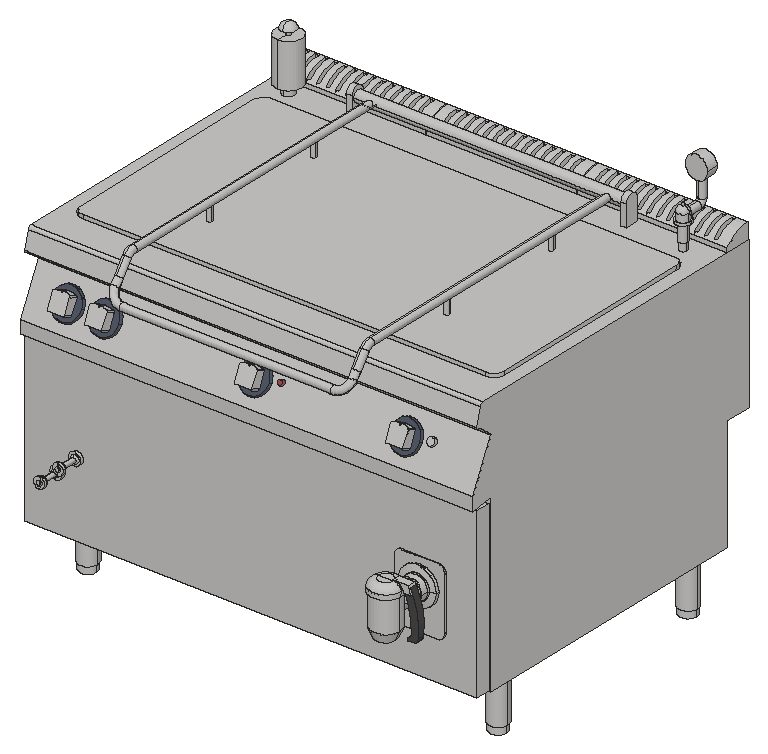
Revit family "QF_ZANUSSI_392123_Z9BSELIUFE", category Specialty Equipment, Revit 2018
Family settings
  Round Connector Dimension = Use Diameter
  Part Type = Normal
  Work Plane-Based = No
  Always vertical = Yes
  Cut with Voids When Loaded = No
  Shared = No
  Room Calculation Point = No
Parameters
  Width = 1200.0 mm  # constant formula
  Weight in Pounds = 200  # constant formula
  Weight = 0.00 kg
  Watts = 24000 VA  # 24000 W
  Waste Water Discharge Temperature [instance] = -459.67 °F
  Volts = 400 V  # constant formula
  URL Manufacturer = "http://www.zanussiprofessional.com"
  URL Cutsheet = "www.electrolux.com"
  URL = "http://www.zanussiprofessional.com"
  Type Mark [instance] = ""
  Steam Supply Size = 0"
  Steam Supply Minimum Pressure = 0.00 psi
  Steam Supply Maximum Pressure = 0.00 psi
  Steam Pounds per Hour = 0
  Status [instance] = ""
  Specification by User [instance] = ""
  Specification by Manufacturer = ""
  Show Logo [instance] = yes
  Show Clearance [instance] = yes
  Serial Number = ""
  Seismic Rating = ""
  SMACNA No = ""
  Revision Code [instance] = ""
  Refrigeration Suction Line Size = 0"
  Refrigeration Liquid Line Size = 0"
  Refrigerant Compressor Remote = yes
  Plumbing Remarks [instance] = ""
  Plumbing Connection Type [instance] = ""
  Phase = 3
  Omniclass Number and Title = ""
  Number of Poles [instance] = 1
  NAFEM Spec ID Number = ""
  Model = "Z9BSELIUFE"
  Min Ckt Ampacity = 0 A
  Max Overcurrent Protection = 0 A
  Masterspec = ""
  Manufacturer = "Zanussi"
  Length Actual = 1200.0 mm  # constant formula
  Item Number [instance] = "392123"
  Installed By [instance] = ""
  Indirect Waste Size = 1"
  Indirect Waste Flow [instance] = 0 GPM
  Indirect Waste Connection Type [instance] = ""
  Indirect Waste Connection Height [instance] = 0.0 mm
  Identify Quantity as Lot [instance] = yes
  Hot Water Temperature [instance] = -459.67 °F
  Hot Water Size = 1/2"
  Hot Water RI Height [instance] = 0.0 mm
  Hot Water Minimum Pressure = 0.00 psi
  Hot Water Maximum Pressure = 0.00 psi
  Hot Water Flow [instance] = 0 GPM
  Hot Water Consumption = 0 GPM
  Hot Water Connection Height = 0.0 mm
  Height Actual = 850.0 mm  # constant formula
  Height = 850.0 mm  # constant formula
  HP = "32.2 HP"
  Gas Size = 0"
  Gas KW = 0
  Gas Input Pressure = 0.0 Btu/h
  Furnished By [instance] = ""
  Foodservice Equipment Identifier [instance] = yes
  FL Amps = if(Phase = 3, Watts / (Volts * 1.73), Watts / Volts)  # 34.6821 A
  Electrical Remarks [instance] = "400 V/3N ph/50/60 Hz"  # constant formula
  Electric Connection Type [instance] = ""
  Elec Conn RI Height [instance] = 0.0 mm
  Elec Conn Connection Height [instance] = 0.0 mm
  Direct Waste Size = 1/2"
  Description = "250LT EL.RECT.BOILING PAN-INDIR.HEATING"
  Depth Actual = 900.0 mm  # constant formula
  Depth = 930.0 mm  # constant formula
  Cycle [instance] = if([60 Hertz Option], 60 Hz, 50 Hz)  # 60 Hz
  Conn Plug = ""
  Conn Conduit = yes
  Condensate Return Size = 0"
  Compressed Air Volume = 0 GPM
  Compressed Air Size = 0"
  Compressed Air Pressure = 0.00 psi
  Cold Water Temperature Recommended [instance] = -459.67 °F
  Cold Water Size = 1/2"
  Cold Water RI Height [instance] = 0.0 mm
  Cold Water Minimum Pressure = 0.00 psi
  Cold Water Maximum Pressure = 0.00 psi
  Cold Water Flow [instance] = 0 GPM
  Cold Water Consumption = ""
  Cold Water Connection Height = 0.0 mm
  CSI MasterFormat = ""
  CSI Master Format = ""
  Apparent Power = if(Phase = 3, Volts * FL Amps * 1.73, Volts * FL Amps)  # 24000 VA
  Accessory = yes
  60 Hertz Option [instance] = not([50 Hertz Option])  # yes
  50 Hertz Option [instance] = no
Reference planes
  plane 1 "BACK": y = 0
  plane 2: z = 0
  plane 3 "LEFT": x = 0
  plane 4 "RIGHT": x = 1200
  plane 5 "FRONT": y = -930
  plane 6 "TOP": z = 850
  plane 7 "Center Y": x = 600
  plane 8 "Center X": y = -465
  plane 9: z = 1734.89
  plane 10: z = 150
  plane 11: y = -130
  plane 12: y = -760
  plane 13: y = -1015
  plane 14: x = 56
  plane 15: x = 1144
  plane 16: x = 1060
  plane 17: x = 100
  plane 18: x = 160
  plane 19: x = 140
Forms (mm)
  Extrusion 1, solid, material "QF_Finishes_Stainless Steel"
    sketch origin (0, 0, 576.213) x (0, 1, 0) y (0, 0, 1)
      loop
        line (0, -126.175) -> (0, 273.788) -> (-879.358, 273.788)
        arc (-879.358, 273.788) -> (-884.643, 271.598) -> (-886.833, 266.313) r 7.474
        line (-886.833, 266.313) -> (-899.884, 220.798)
        arc (-899.884, 220.798) -> (-899.396, 218.166) -> (-897, 216.971) r 3
        line (-897, 216.971) -> (-886.802, 216.971) -> (-854.982, 185.152) -> (-915, 64.296) -> (-915, 29.296) -> (-858.645, 37.216)
        arc (-858.645, 37.216) -> (-856.101, 36.462) -> (-855, 34.047) r 3.2
        line (-855, 34.047) -> (-855, -426.212) -> (-71.437, -426.212) -> (-71.437, -126.175) -> (0, -126.175)
      loop
        line (-900, 23.788) -> (-900, -421.212) -> (-860, -421.212) -> (-860, 23.788) -> (-900, 23.788)
    from 0 to 1200
  Revolve 2, solid, material "QF_Finishes_Stainless Steel"
    sketch origin (1, -130, 0) x (1, 0, 0) y (0, 0, 1)
      loop
        line (55, 0) -> (55, 150) -> (29.6, 150) -> (29.6, 19.05) -> (32.1, 19.05) -> (32.1, 0) -> (55, 0)
      axis (55, 0) -> (55, 150)
    angle from 0 to 360
  Revolve 3, solid, material "QF_Finishes_Stainless Steel"
    sketch origin (1, -760, 0) x (1, 0, 0) y (0, 0, 1)
      loop
        line (55, 0) -> (55, 150) -> (29.6, 150) -> (29.6, 19.05) -> (32.1, 19.05) -> (32.1, 0) -> (55, 0)
      axis (55, 0) -> (55, 150)
    angle from 0 to 360
  Revolve 4, solid, material "QF_Finishes_Stainless Steel"
    sketch origin (1199, -130, 0) x (-1, 0, 0) y (0, 0, -1)
      loop
        line (55, 0) -> (32.1, 0) -> (32.1, -19.05) -> (29.6, -19.05) -> (29.6, -150) -> (55, -150) -> (55, 0)
      axis (55, 0) -> (55, -150)
    angle from 0 to 360
  Revolve 5, solid, material "QF_Finishes_Stainless Steel"
    sketch origin (1199, -760, 0) x (-1, 0, 0) y (0, 0, -1)
      loop
        line (55, 0) -> (32.1, 0) -> (32.1, -19.05) -> (29.6, -19.05) -> (29.6, -150) -> (55, -150) -> (55, 0)
      axis (55, 0) -> (55, -150)
    angle from 0 to 360
  Extrusion 6, solid, material "QF_Finishes_Stainless Steel"
    sketch origin (0, 0, 560.363) x (0, 1, 0) y (0, 0, 1)
      loop
        line (0, 289.638) -> (0, 331.738)
        arc (0, 331.738) -> (-38.857, 324.552) -> (-69.85, 300.038) r 82.056
        line (-69.85, 300.038) -> (-69.85, 289.638) -> (0, 289.638)
    from 0 to 400
  Extrusion 7, void
    sketch origin (0, 0, 835) x (0, -1, 0) y (1, 0, 0)
      loop
        line (6.761, 29.703) -> (63.911, 29.703) -> (63.911, 38.999) -> (6.761, 38.999) -> (6.761, 29.703)
      loop
        line (63.911, 64.487) -> (6.761, 64.487) -> (6.761, 55.191) -> (63.911, 55.191) -> (63.911, 64.487)
      loop
        line (63.911, 89.975) -> (6.761, 89.975) -> (6.761, 80.68) -> (63.911, 80.68) -> (63.911, 89.975)
      loop
        line (63.911, 115.464) -> (6.761, 115.464) -> (6.761, 106.168) -> (63.911, 106.168) -> (63.911, 115.464)
      loop
        line (63.911, 140.952) -> (6.761, 140.952) -> (6.761, 131.656) -> (63.911, 131.656) -> (63.911, 140.952)
      loop
        line (63.911, 166.44) -> (6.761, 166.44) -> (6.761, 157.145) -> (63.911, 157.145) -> (63.911, 166.44)
      loop
        line (63.911, 191.929) -> (6.761, 191.929) -> (6.761, 182.633) -> (63.911, 182.633) -> (63.911, 191.929)
      loop
        line (63.911, 217.417) -> (6.761, 217.417) -> (6.761, 208.121) -> (63.911, 208.121) -> (63.911, 217.417)
      loop
        line (63.911, 242.905) -> (6.761, 242.905) -> (6.761, 233.61) -> (63.911, 233.61) -> (63.911, 242.905)
      loop
        line (63.911, 268.394) -> (6.761, 268.394) -> (6.761, 259.098) -> (63.911, 259.098) -> (63.911, 268.394)
      loop
        line (63.911, 293.882) -> (6.761, 293.882) -> (6.761, 284.586) -> (63.911, 284.586) -> (63.911, 293.882)
      loop
        line (63.911, 319.37) -> (6.761, 319.37) -> (6.761, 310.075) -> (63.911, 310.075) -> (63.911, 319.37)
      loop
        line (63.911, 344.859) -> (6.761, 344.859) -> (6.761, 335.563) -> (63.911, 335.563) -> (63.911, 344.859)
      loop
        line (63.911, 370.347) -> (6.761, 370.347) -> (6.761, 361.051) -> (63.911, 361.051) -> (63.911, 370.347)
    from 25.4 to 63.5
  Extrusion 8, solid, material "QF_Finishes_Stainless Steel"
    sketch origin (650, -900, 592.071) x (0, 0, 1) y (-1, 0, 0)
      loop
        arc (-150.774, -353.125) -> (-156.632, -338.983) -> (-170.774, -333.125) r 20
        line (-170.774, -333.125) -> (-310.774, -333.125)
        arc (-310.774, -333.125) -> (-324.916, -338.983) -> (-330.774, -353.125) r 20
        line (-330.774, -353.125) -> (-330.774, -446.875)
        arc (-330.774, -446.875) -> (-324.916, -461.017) -> (-310.774, -466.875) r 20
        line (-310.774, -466.875) -> (-170.774, -466.875)
        arc (-170.774, -466.875) -> (-156.632, -461.017) -> (-150.774, -446.875) r 20
        line (-150.774, -446.875) -> (-150.774, -353.125)
    from 0 to 3.2
  Revolve 9, solid, material "QF_Finishes_Stainless Steel"
    sketch origin (700, -127.411, 373.218) x (1, 0, 0) y (0, 1, 0)
      loop
        line (350, -775.828) -> (350, -864.845) -> (377.31, -864.845) -> (377.31, -807.326) -> (381.52, -807.326) -> (381.52, -788.802) -> (383.56, -788.802) -> (383.56, -785.903) -> (400.479, -782.307) -> (400.479, -775.828) -> (350, -775.828)
      axis (350, -864.845) -> (350, -775.828)
    angle from 0 to 360
  Revolve 10, solid, material "QF_Finishes_Stainless Steel"
    sketch origin (700, -1015, -175.451) x (1, 0, 0) y (0, 0, 1)
      loop
        line (387.487, 584.414) -> (391.109, 584.414) -> (391.109, 596.458)
        arc (391.109, 596.458) -> (383.595, 608.72) -> (370.039, 613.521) r 21.541
        line (370.039, 613.521) -> (350, 613.521) -> (350, 475.451) -> (376.476, 475.451) -> (387.487, 500.451) -> (387.487, 584.414)
      axis (350, 475.451) -> (350, 613.521)
    angle from 0 to 360
  Extrusion 11, solid, material "QF_Finishes_Black"
    sketch origin (650, -915, 35) x (1, 0, 0) y (0, 0, 1)
      loop
        arc (462.072, 282.761) -> (458.739, 279.204) -> (454.343, 277.096) r 13.226
        arc (454.343, 277.096) -> (451.562, 273.099) -> (455.036, 269.686) r 3.774
        line (455.036, 269.686) -> (472.172, 272.033)
        arc (472.172, 272.033) -> (478.889, 276.04) -> (480.667, 283.655) r 10
        arc (480.667, 283.655) -> (479.826, 343.081) -> (460.542, 399.297) r 188.693
        line (460.542, 399.297) -> (438.183, 399.297)
        arc (438.183, 399.297) -> (458.444, 342.734) -> (462.072, 282.761) r 212.616
    from 77.064 to 92.936
  Extrusion 12, solid, material "QF_Finishes_Stainless Steel"
    sketch origin (650, -915, 35) x (1, 0, 0) y (0, 0, 1)
      loop
        line (436.837, 382.461) -> (463.876, 382.461)
        arc (463.876, 382.461) -> (461.091, 393.228) -> (456.741, 403.464) r 74.823
        line (456.741, 403.464) -> (415.663, 403.464)
        arc (415.663, 403.464) -> (428.508, 395.239) -> (436.837, 382.461) r 36.276
    from 74.362 to 95.975
  Revolve 13, solid, material "QF_Finishes_Stainless Steel"
    sketch origin (138.599, 0, -92.295) x (0, 1, 0) y (0, 0, 1)
      loop
        line (-900, 446.296) -> (-965.345, 446.296) -> (-965.345, 440.585) -> (-962.863, 440.585) -> (-962.863, 431.892) -> (-957.863, 431.892) -> (-957.863, 435.145) -> (-952.863, 435.145) -> (-952.863, 440.585) -> (-912.544, 440.585)
        arc (-912.544, 440.585) -> (-910.281, 437.945) -> (-907.228, 436.28) r 9.637
        line (-907.228, 436.28) -> (-907.228, 429.925) -> (-900, 429.925) -> (-900, 446.296)
      axis (-965.345, 446.296) -> (-900, 446.296)
    angle from 0 to 360
  Revolve 14, solid, material "QF_Finishes_Stainless Steel"
    sketch origin (89.102, 0, -141.793) x (0, 1, 0) y (0, 0, 1)
      loop
        line (-900, 446.296) -> (-965.345, 446.296) -> (-965.345, 440.585) -> (-962.863, 440.585) -> (-962.863, 431.892) -> (-957.863, 431.892) -> (-957.863, 435.145) -> (-952.863, 435.145) -> (-952.863, 440.585) -> (-912.544, 440.585)
        arc (-912.544, 440.585) -> (-910.281, 437.945) -> (-907.228, 436.28) r 9.637
        line (-907.228, 436.28) -> (-907.228, 429.925) -> (-900, 429.925) -> (-900, 446.296)
      axis (-965.345, 446.296) -> (-900, 446.296)
    angle from 0 to 360
  Extrusion 15, solid, material "QF_Finishes_Stainless Steel"
    sketch origin (400, 0, 560.363) x (0, 1, 0) y (0, 0, 1)
      loop
        line (0, 289.638) -> (0, 331.738)
        arc (0, 331.738) -> (-38.857, 324.552) -> (-69.85, 300.038) r 82.056
        line (-69.85, 300.038) -> (-69.85, 289.638) -> (0, 289.638)
    from 0 to 400
  Extrusion 16, void
    sketch origin (400, 0, 835) x (0, -1, 0) y (1, 0, 0)
      loop
        line (6.761, 29.703) -> (63.911, 29.703) -> (63.911, 38.999) -> (6.761, 38.999) -> (6.761, 29.703)
      loop
        line (63.911, 64.487) -> (6.761, 64.487) -> (6.761, 55.191) -> (63.911, 55.191) -> (63.911, 64.487)
      loop
        line (63.911, 89.975) -> (6.761, 89.975) -> (6.761, 80.68) -> (63.911, 80.68) -> (63.911, 89.975)
      loop
        line (63.911, 115.464) -> (6.761, 115.464) -> (6.761, 106.168) -> (63.911, 106.168) -> (63.911, 115.464)
      loop
        line (63.911, 140.952) -> (6.761, 140.952) -> (6.761, 131.656) -> (63.911, 131.656) -> (63.911, 140.952)
      loop
        line (63.911, 166.44) -> (6.761, 166.44) -> (6.761, 157.145) -> (63.911, 157.145) -> (63.911, 166.44)
      loop
        line (63.911, 191.929) -> (6.761, 191.929) -> (6.761, 182.633) -> (63.911, 182.633) -> (63.911, 191.929)
      loop
        line (63.911, 217.417) -> (6.761, 217.417) -> (6.761, 208.121) -> (63.911, 208.121) -> (63.911, 217.417)
      loop
        line (63.911, 242.905) -> (6.761, 242.905) -> (6.761, 233.61) -> (63.911, 233.61) -> (63.911, 242.905)
      loop
        line (63.911, 268.394) -> (6.761, 268.394) -> (6.761, 259.098) -> (63.911, 259.098) -> (63.911, 268.394)
      loop
        line (63.911, 293.882) -> (6.761, 293.882) -> (6.761, 284.586) -> (63.911, 284.586) -> (63.911, 293.882)
      loop
        line (63.911, 319.37) -> (6.761, 319.37) -> (6.761, 310.075) -> (63.911, 310.075) -> (63.911, 319.37)
      loop
        line (63.911, 344.859) -> (6.761, 344.859) -> (6.761, 335.563) -> (63.911, 335.563) -> (63.911, 344.859)
      loop
        line (63.911, 370.347) -> (6.761, 370.347) -> (6.761, 361.051) -> (63.911, 361.051) -> (63.911, 370.347)
    from 25.4 to 63.5
  Extrusion 17, solid, material "QF_Finishes_Stainless Steel"
    sketch origin (800, 0, 560.363) x (0, 1, 0) y (0, 0, 1)
      loop
        line (0, 289.638) -> (0, 331.738)
        arc (0, 331.738) -> (-38.857, 324.552) -> (-69.85, 300.038) r 82.056
        line (-69.85, 300.038) -> (-69.85, 289.638) -> (0, 289.638)
    from 0 to 400
  Extrusion 18, void
    sketch origin (800, 0, 835) x (0, -1, 0) y (1, 0, 0)
      loop
        line (6.761, 29.703) -> (63.911, 29.703) -> (63.911, 38.999) -> (6.761, 38.999) -> (6.761, 29.703)
      loop
        line (63.911, 64.487) -> (6.761, 64.487) -> (6.761, 55.191) -> (63.911, 55.191) -> (63.911, 64.487)
      loop
        line (63.911, 89.975) -> (6.761, 89.975) -> (6.761, 80.68) -> (63.911, 80.68) -> (63.911, 89.975)
      loop
        line (63.911, 115.464) -> (6.761, 115.464) -> (6.761, 106.168) -> (63.911, 106.168) -> (63.911, 115.464)
      loop
        line (63.911, 140.952) -> (6.761, 140.952) -> (6.761, 131.656) -> (63.911, 131.656) -> (63.911, 140.952)
      loop
        line (63.911, 166.44) -> (6.761, 166.44) -> (6.761, 157.145) -> (63.911, 157.145) -> (63.911, 166.44)
      loop
        line (63.911, 191.929) -> (6.761, 191.929) -> (6.761, 182.633) -> (63.911, 182.633) -> (63.911, 191.929)
      loop
        line (63.911, 217.417) -> (6.761, 217.417) -> (6.761, 208.121) -> (63.911, 208.121) -> (63.911, 217.417)
      loop
        line (63.911, 242.905) -> (6.761, 242.905) -> (6.761, 233.61) -> (63.911, 233.61) -> (63.911, 242.905)
      loop
        line (63.911, 268.394) -> (6.761, 268.394) -> (6.761, 259.098) -> (63.911, 259.098) -> (63.911, 268.394)
      loop
        line (63.911, 293.882) -> (6.761, 293.882) -> (6.761, 284.586) -> (63.911, 284.586) -> (63.911, 293.882)
      loop
        line (63.911, 319.37) -> (6.761, 319.37) -> (6.761, 310.075) -> (63.911, 310.075) -> (63.911, 319.37)
      loop
        line (63.911, 344.859) -> (6.761, 344.859) -> (6.761, 335.563) -> (63.911, 335.563) -> (63.911, 344.859)
      loop
        line (63.911, 370.347) -> (6.761, 370.347) -> (6.761, 361.051) -> (63.911, 361.051) -> (63.911, 370.347)
    from 25.4 to 63.5
  Extrusion 19, solid, material "QF_Finishes_Stainless Steel"
    sketch origin (771.071, 3.488, 39.209) x (0, 1, 0) y (0, 0, -1)
      loop
        line (-86.2, -810.791) -> (-120.988, -810.791) -> (-120.988, -867.861)
        arc (-120.988, -867.861) -> (-103.594, -885.255) -> (-86.2, -867.861) r 17.394
        line (-86.2, -867.861) -> (-86.2, -810.791)
    from 527.978 to 542.561
  Extrusion 20, solid, material "QF_Finishes_Stainless Steel"
    sketch origin (428.929, 3.488, 39.209) x (0, 1, 0) y (0, 0, 1)
      loop
        line (-86.2, 810.791) -> (-86.2, 867.861)
        arc (-86.2, 867.861) -> (-103.594, 885.255) -> (-120.988, 867.861) r 17.394
        line (-120.988, 867.861) -> (-120.988, 810.791) -> (-86.2, 810.791)
    from 527.978 to 542.561
  Extrusion 21, void
    sketch origin (0, 0, 0) x (1, 0, 0) y (0, 1, 0)
      loop
        line (46.71, -190.49) -> (46.71, -760.931)
        arc (46.71, -760.931) -> (52.568, -775.073) -> (66.71, -780.931) r 20
        line (66.71, -780.931) -> (1133.29, -780.931)
        arc (1133.29, -780.931) -> (1147.432, -775.073) -> (1153.29, -760.931) r 20
        line (1153.29, -760.931) -> (1153.29, -190.49)
        arc (1153.29, -190.49) -> (1147.432, -176.348) -> (1133.29, -170.49) r 20
        line (1133.29, -170.49) -> (66.71, -170.49)
        arc (66.71, -170.49) -> (52.568, -176.348) -> (46.71, -190.49) r 20
    from 449 to 830.033
  Extrusion 22, void
    sketch origin (0, 0, 0) x (1, 0, 0) y (0, 1, 0)
      loop
        arc (66.71, -158.49) -> (44.082, -167.862) -> (34.71, -190.49) r 32
        line (34.71, -190.49) -> (34.71, -760.931)
        arc (34.71, -760.931) -> (44.082, -783.558) -> (66.71, -792.931) r 32
        line (66.71, -792.931) -> (1133.29, -792.931)
        arc (1133.29, -792.931) -> (1155.918, -783.558) -> (1165.29, -760.931) r 32
        line (1165.29, -760.931) -> (1165.29, -190.49)
        arc (1165.29, -190.49) -> (1155.918, -167.862) -> (1133.29, -158.49) r 32
        line (1133.29, -158.49) -> (66.71, -158.49)
    from 830.033 to 850
  Extrusion 23, solid, material "QF_Finishes_Stainless Steel"
    sketch origin (0, 0, 830.033) x (1, 0, 0) y (0, 1, 0)
      loop
        arc (66.71, -162.49) -> (46.911, -170.691) -> (38.71, -190.49) r 28
        line (38.71, -190.49) -> (38.71, -760.931)
        arc (38.71, -760.931) -> (46.911, -780.73) -> (66.71, -788.931) r 28
        line (66.71, -788.931) -> (1133.29, -788.931)
        arc (1133.29, -788.931) -> (1153.089, -780.73) -> (1161.29, -760.931) r 28
        line (1161.29, -760.931) -> (1161.29, -190.49)
        arc (1161.29, -190.49) -> (1153.089, -170.691) -> (1133.29, -162.49) r 28
        line (1133.29, -162.49) -> (66.71, -162.49)
    from 0 to 27.767
  Extrusion 24, solid, material "QF_Finishes_Stainless Steel"
    sketch origin (45, 3.488, -26.168) x (0, 1, 0) y (0, 0, 1)
      loop
        circle (-103.594, 927.13) r 15
    from 198.093 to 911.907
  Sweep 25, solid, material "QF_Finishes_Stainless Steel"
    path origin (0, 0, 0) x (0, 1, 0) y (0, 0, 1)
      loop
        line (-100.106, 900.961) -> (-897.203, 900.961)
        arc (-897.203, 900.961) -> (-908.553, 898.236) -> (-917.428, 890.656) r 25
        line (-917.428, 890.656) -> (-943.879, 854.25)
    profile origin (0, -498.654, 900.961) x (0, 0, -1) y (1, 0, 0)
      loop
        circle (0, 284.79) r 9.5
      loop
        circle (0, 915.21) r 9.5
  Sweep 26, solid, material "QF_Finishes_Stainless Steel"
    path origin (0, -1452.357, 154.39) x (1, 0, 0) y (0, 0.587785, 0.809017)
      loop
        line (284.79, 865.075) -> (284.79, 845.075)
        arc (284.79, 845.075) -> (295.041, 820.326) -> (319.79, 810.075) r 35
        line (319.79, 810.075) -> (880.21, 810.075)
        arc (880.21, 810.075) -> (904.959, 820.326) -> (915.21, 845.075) r 35
        line (915.21, 845.075) -> (915.21, 865.075)
    profile origin (600, -976.207, 809.754) x (0, 0.587785, 0.809017) y (0, -0.809017, 0.587785)
      loop
        circle (0, 0) r 9.5
  Extrusion 27, solid, material "QF_Finishes_Stainless Steel"
    sketch origin (0, 0, 857.8) x (1, 0, 0) y (0, 1, 0)
      loop
        circle (284.79, -643.128) r 6
      loop
        circle (915.21, -643.128) r 6
      loop
        circle (284.79, -296.872) r 6
      loop
        circle (915.21, -296.872) r 6
    from 0 to 43.897
  Extrusion 28, solid, material "QF_Clearances", visible <- "Show Clearance", detail levels coarse
    sketch origin (0, -143.767, 786.306) x (1, 0, 0) y (0, 0.249903, -0.968271)
      loop
        arc (66.71, -162.49) -> (46.911, -170.691) -> (38.71, -190.49) r 28
        line (38.71, -190.49) -> (38.71, -760.931)
        arc (38.71, -760.931) -> (46.911, -780.73) -> (66.71, -788.931) r 28
        line (66.71, -788.931) -> (1133.29, -788.931)
        arc (1133.29, -788.931) -> (1153.089, -780.73) -> (1161.29, -760.931) r 28
        line (1161.29, -760.931) -> (1161.29, -190.49)
        arc (1161.29, -190.49) -> (1153.089, -170.691) -> (1133.29, -162.49) r 28
        line (1133.29, -162.49) -> (66.71, -162.49)
    from 0 to 27.767
  Sweep 29, solid, material "QF_Clearances", visible <- "Show Clearance", detail levels coarse
    path origin (0, -947.464, 578.878) x (0, 0.249903, -0.968271) y (0, 0.968271, 0.249903)
      loop
        line (-100.968, 901.184) -> (-898.065, 901.184)
        arc (-898.065, 901.184) -> (-909.414, 898.459) -> (-918.29, 890.878) r 25
        line (-918.29, 890.878) -> (-944.74, 854.472)
    profile origin (0, -199.705, 1287.754) x (0, -0.968271, -0.249903) y (1, 0, 0)
      loop
        circle (0, 284.79) r 9.5
      loop
        circle (0, 915.21) r 9.5
  Sweep 30, solid, material "QF_Clearances", visible <- "Show Clearance", detail levels coarse
    path origin (0, -1160.921, 2023.736) x (1, 0, 0) y (0, 0.930237, -0.36696)
      loop
        line (284.79, 865.075) -> (284.79, 845.075)
        arc (284.79, 845.075) -> (295.041, 820.326) -> (319.79, 810.075) r 35
        line (319.79, 810.075) -> (880.21, 810.075)
        arc (880.21, 810.075) -> (904.959, 820.326) -> (915.21, 845.075) r 35
        line (915.21, 845.075) -> (915.21, 865.075)
    profile origin (600, -407.359, 1726.471) x (0, 0.930237, -0.36696) y (0, 0.36696, 0.930237)
      loop
        circle (0, 0) r 9.5
  Extrusion 31, solid, material "QF_Clearances", visible <- "Show Clearance", detail levels coarse
    sketch origin (0, -116.881, 793.245) x (1, 0, 0) y (0, 0.249903, -0.968271)
      loop
        circle (284.79, -643.128) r 6
      loop
        circle (915.21, -643.128) r 6
      loop
        circle (284.79, -296.872) r 6
      loop
        circle (915.21, -296.872) r 6
    from 0 to 43.897
  Revolve 32, solid, material "QF_Finishes_Stainless Steel"
    sketch origin (67.5, 0, 0) x (0, 1, 0) y (0, 0, 1)
      loop
        line (-110, 850) -> (-110, 1020)
        arc (-110, 1020) -> (-122.5, 1015.833) -> (-130, 1005) r 20.833
        line (-130, 1005) -> (-115, 1005) -> (-115, 990) -> (-145, 990) -> (-145, 875) -> (-125, 875) -> (-125, 850) -> (-110, 850)
      axis (-110, 850) -> (-110, 1020)
    angle from 0 to 360
  Revolve 33, solid, material "QF_Finishes_Stainless Steel"
    sketch origin (-5, -115, 0) x (1, 0, 0) y (0, 0, 1)
      loop
        line (1124, 850) -> (1134, 850) -> (1134, 871.175) -> (1135.563, 871.175) -> (1135.563, 916.175) -> (1144, 916.175) -> (1144, 921.175) -> (1139, 921.175) -> (1139, 939.925)
        arc (1139, 939.925) -> (1135.372, 949.706) -> (1126.244, 954.756) r 15
        line (1126.244, 954.756) -> (1126.244, 960) -> (1124, 960) -> (1124, 850)
      axis (1124, 850) -> (1124, 960)
    angle from 0 to 360
  Sweep 34, solid, material "QF_Finishes_Stainless Steel"
    path origin (1119, 0, 0) x (0, 1, 0) y (0, 0, 1)
      loop
        line (-115.106, 932.5) -> (-67.659, 932.5)
        arc (-67.659, 932.5) -> (-57.052, 936.893) -> (-52.659, 947.5) r 15
        line (-52.659, 947.5) -> (-52.659, 997.5)
    profile origin (1119, -91.383, 932.5) x (0, 0, 1) y (1, 0, 0)
      loop
        circle (0, 0) r 10
  Extrusion 35, solid, material "QF_Finishes_Stainless Steel"
    sketch origin (0, 0, 0) x (1, 0, 0) y (0, 0, 1)
      loop
        circle (1119, 1024.375) r 30
    from 40.421 to 69.85
  Extrusion 36, solid, material "QF_Finishes_Stainless Steel"
    sketch origin (0, -652.222, 150) x (1, 0, 0) y (0, -1, 0)
      loop
        circle (1060, 152.078) r 6.35
    from 0 to 13
  Extrusion 37, solid, material "QF_Finishes_Stainless Steel"
    sketch origin (0, -652.222, 150) x (1, 0, 0) y (0, -1, 0)
      loop
        circle (100, 52.078) r 9.525
      loop
        circle (160, 152.078) r 9.525
      loop
        circle (140, 82.078) r 12.7
    from 0 to 13
  Extrusion 38, solid, material "QF_Clearances", visible <- "Show Clearance", detail levels coarse
    sketch origin (0, 0, 0) x (1, 0, 0) y (0, 1, 0)
      loop
        line (0, -930) -> (0, 0) -> (1200, 0) -> (1200, -930) -> (1301.6, -930) -> (1301.6, 101.6) -> (-101.6, 101.6) -> (-101.6, -930) -> (0, -930)
    from 0 to 892.1
  Extrusion 39, solid, material "QF_Finishes_Red"
    sketch origin (351.939, -909.714, 651.153) x (0, 0.444781, 0.895639) y (-1, 0, 0)
      loop
        circle (65.471, -315.169) r 6.35
    from 0 to 6
  Extrusion 40, solid, material "QF_Plastic-Black-Matte"
    sketch origin (44.957, -884.991, 700.936) x (0, 0.444781, 0.895639) y (0, 0.895639, -0.444781)
      loop
        line (26.984, -34) -> (23.984, -34) -> (23.984, -35) -> (26.984, -35)
        arc (26.984, -35) -> (27.691, -34.707) -> (27.984, -34) r 1
        line (27.984, -34) -> (27.984, -19) -> (26.984, -19) -> (26.984, -34)
    from -58.5 to -56.5
  Extrusion 41, solid, material "QF_Finishes_Stainless Steel"
    sketch origin (102.457, -884.991, 700.936) x (-1, 0, 0) y (0, -0.444781, -0.895639)
      loop
        line (17.5, -17.5) -> (17.5, 17.5) -> (-17.5, 17.5) -> (-17.5, -17.5) -> (17.5, -17.5)
    from 5 to 10
  Extrusion 42, solid, material "QF_Finishes_Stainless Steel"
    sketch origin (102.457, -884.991, 700.936) x (-1, 0, 0) y (0, -0.444781, -0.895639)
      loop
        arc (-21.147, -22.789) -> (0, -26.984) -> (21.147, -22.789) r 55.4
        arc (21.147, -22.789) -> (22.494, -21.685) -> (23, -20.019) r 2.997
        line (23, -20.019) -> (23, 20.019)
        arc (23, 20.019) -> (22.122, 22.138) -> (20.003, 23.016) r 2.997
        line (20.003, 23.016) -> (-20.003, 23.016)
        arc (-20.003, 23.016) -> (-22.122, 22.138) -> (-23, 20.019) r 2.997
        line (-23, 20.019) -> (-23, -20.019)
        arc (-23, -20.019) -> (-22.494, -21.685) -> (-21.147, -22.789) r 2.997
    from 10 to 34
  Blend 43, solid, material "QF_Finishes_Navy Blue"
    base sketch origin (102.457, -884.991, 700.936) x (1, 0, 0) y (0, 0.444781, 0.895639)
      loop
        circle (0, 0) r 42.5
    top sketch origin (102.457, -884.991, 700.936) x (1, 0, 0) y (0, 0.444781, 0.895639)
      loop
        circle (0, 0) r 40.5
    from 0 to 5
  Blend 44, solid, material "QF_Finishes_Navy Blue"
    base sketch origin (600, -884.991, 700.936) x (1, 0, 0) y (0, 0.444781, 0.895639)
      loop
        circle (0, 0) r 42.5
    top sketch origin (600, -884.991, 700.936) x (1, 0, 0) y (0, 0.444781, 0.895639)
      loop
        circle (0, 0) r 40.5
    from 0 to 5
  Extrusion 45, solid, material "QF_Finishes_Stainless Steel"
    sketch origin (600, -884.991, 700.936) x (1, 0, 0) y (0, 0.444781, 0.895639)
      loop
        arc (-21.147, 22.789) -> (-22.494, 21.685) -> (-23, 20.019) r 2.997
        line (-23, 20.019) -> (-23, -20.019)
        arc (-23, -20.019) -> (-22.122, -22.138) -> (-20.003, -23.016) r 2.997
        line (-20.003, -23.016) -> (20.003, -23.016)
        arc (20.003, -23.016) -> (22.122, -22.138) -> (23, -20.019) r 2.997
        line (23, -20.019) -> (23, 20.019)
        arc (23, 20.019) -> (22.494, 21.685) -> (21.147, 22.789) r 2.997
        arc (21.147, 22.789) -> (0, 26.984) -> (-21.147, 22.789) r 55.4
    from 10 to 34
  Extrusion 46, solid, material "QF_Finishes_Stainless Steel"
    sketch origin (600, -884.991, 700.936) x (1, 0, 0) y (0, 0.444781, 0.895639)
      loop
        line (17.5, 17.5) -> (-17.5, 17.5) -> (-17.5, -17.5) -> (17.5, -17.5) -> (17.5, 17.5)
    from 5 to 10
  Extrusion 47, solid, material "QF_Plastic-Black-Matte"
    sketch origin (542.5, -884.991, 701.574) x (0, 0.444781, 0.895639) y (0, 0.895639, -0.444781)
      loop
        line (26.413, -33.716) -> (23.413, -33.716) -> (23.413, -34.716) -> (26.413, -34.716)
        arc (26.413, -34.716) -> (27.12, -34.424) -> (27.413, -33.716) r 1
        line (27.413, -33.716) -> (27.413, -18.716) -> (26.413, -18.716) -> (26.413, -33.716)
    from -58.5 to -56.5
  Extrusion 48, solid, material "QF_Plastic-Black-Matte"
    sketch origin (144.286, -884.991, 700.936) x (0, 0.444781, 0.895639) y (0, 0.895639, -0.444781)
      loop
        line (26.984, -34) -> (23.984, -34) -> (23.984, -35) -> (26.984, -35)
        arc (26.984, -35) -> (27.691, -34.707) -> (27.984, -34) r 1
        line (27.984, -34) -> (27.984, -19) -> (26.984, -19) -> (26.984, -34)
    from -58.5 to -56.5
  Extrusion 49, solid, material "QF_Finishes_Stainless Steel"
    sketch origin (201.786, -884.991, 700.936) x (-1, 0, 0) y (0, -0.444781, -0.895639)
      loop
        line (17.5, -17.5) -> (17.5, 17.5) -> (-17.5, 17.5) -> (-17.5, -17.5) -> (17.5, -17.5)
    from 5 to 10
  Extrusion 50, solid, material "QF_Finishes_Stainless Steel"
    sketch origin (201.786, -884.991, 700.936) x (-1, 0, 0) y (0, -0.444781, -0.895639)
      loop
        arc (-21.147, -22.789) -> (0, -26.984) -> (21.147, -22.789) r 55.4
        arc (21.147, -22.789) -> (22.494, -21.685) -> (23, -20.019) r 2.997
        line (23, -20.019) -> (23, 20.019)
        arc (23, 20.019) -> (22.122, 22.138) -> (20.003, 23.016) r 2.997
        line (20.003, 23.016) -> (-20.003, 23.016)
        arc (-20.003, 23.016) -> (-22.122, 22.138) -> (-23, 20.019) r 2.997
        line (-23, 20.019) -> (-23, -20.019)
        arc (-23, -20.019) -> (-22.494, -21.685) -> (-21.147, -22.789) r 2.997
    from 10 to 34
  Blend 51, solid, material "QF_Finishes_Navy Blue"
    base sketch origin (201.786, -884.991, 700.936) x (1, 0, 0) y (0, 0.444781, 0.895639)
      loop
        circle (0, 0) r 42.5
    top sketch origin (201.786, -884.991, 700.936) x (1, 0, 0) y (0, 0.444781, 0.895639)
      loop
        circle (0, 0) r 40.5
    from 0 to 5
  Blend 52, solid, material "QF_Finishes_Navy Blue"
    base sketch origin (1000, -884.991, 700.936) x (1, 0, 0) y (0, 0.444781, 0.895639)
      loop
        circle (0, 0) r 42.5
    top sketch origin (1000, -884.991, 700.936) x (1, 0, 0) y (0, 0.444781, 0.895639)
      loop
        circle (0, 0) r 40.5
    from 0 to 5
  Extrusion 53, solid, material "QF_Finishes_Stainless Steel"
    sketch origin (1000, -884.991, 700.936) x (1, 0, 0) y (0, 0.444781, 0.895639)
      loop
        arc (-21.147, 22.789) -> (-22.494, 21.685) -> (-23, 20.019) r 2.997
        line (-23, 20.019) -> (-23, -20.019)
        arc (-23, -20.019) -> (-22.122, -22.138) -> (-20.003, -23.016) r 2.997
        line (-20.003, -23.016) -> (20.003, -23.016)
        arc (20.003, -23.016) -> (22.122, -22.138) -> (23, -20.019) r 2.997
        line (23, -20.019) -> (23, 20.019)
        arc (23, 20.019) -> (22.494, 21.685) -> (21.147, 22.789) r 2.997
        arc (21.147, 22.789) -> (0, 26.984) -> (-21.147, 22.789) r 55.4
    from 10 to 34
  Extrusion 54, solid, material "QF_Finishes_Stainless Steel"
    sketch origin (1000, -884.991, 700.936) x (1, 0, 0) y (0, 0.444781, 0.895639)
      loop
        line (17.5, 17.5) -> (-17.5, 17.5) -> (-17.5, -17.5) -> (17.5, -17.5) -> (17.5, 17.5)
    from 5 to 10
  Extrusion 55, solid, material "QF_Plastic-Black-Matte"
    sketch origin (942.5, -884.991, 701.574) x (0, 0.444781, 0.895639) y (0, 0.895639, -0.444781)
      loop
        line (26.413, -33.716) -> (23.413, -33.716) -> (23.413, -34.716) -> (26.413, -34.716)
        arc (26.413, -34.716) -> (27.12, -34.424) -> (27.413, -33.716) r 1
        line (27.413, -33.716) -> (27.413, -18.716) -> (26.413, -18.716) -> (26.413, -33.716)
    from -58.5 to -56.5
  Extrusion 56, solid, material "QF_Finishes_Stainless Steel"
    sketch origin (751.939, -909.714, 651.153) x (0, 0.444781, 0.895639) y (-1, 0, 0)
      loop
        circle (65.471, -315.169) r 10
    from 0 to 6
Cuts and joins
  Extrusion 7, Extrusion 16 cuts Extrusion 6
  Extrusion 16, Extrusion 18 cuts Extrusion 15
  Extrusion 18 cuts Extrusion 17
  Extrusion 21, Extrusion 22 cuts Extrusion 1
  joined: Sweep 25, Sweep 26
Lines and regions (mm)
  Split face 1
    outline origin (0, -69.85, 0) x (1, 0, 0) y (0, 0, 1)
      loop
        circle (1119, 1024.375) r 27.37
  Split face 2
    outline origin (102.457, -889.469, 703.16) x (1, 0, 0) y (0, 0.444781, 0.895639)
      loop
        arc (-0.521, 36.501) -> (-26.491, 26.394) -> (-37.708, 0.884) r 36.411
        line (-37.708, 0.884) -> (-31.708, 0.884)
        arc (-31.708, 0.884) -> (-21.998, 23.844) -> (-0.521, 36.501) r 39.733
  Split face 3
    outline origin (102.457, -889.469, 703.16) x (1, 0, 0) y (0, 0.444781, 0.895639)
      loop
        circle (-30.633, -14.752) r 1.5
  Split face 4
    outline origin (102.457, -889.469, 703.16) x (1, 0, 0) y (0, 0.444781, 0.895639)
      loop
        circle (-21.199, -26.582) r 1.5
  Split face 5
    outline origin (102.457, -889.469, 703.16) x (1, 0, 0) y (0, 0.444781, 0.895639)
      loop
        circle (-7.566, -33.148) r 1.5
  Split face 6
    outline origin (102.457, -889.469, 703.16) x (1, 0, 0) y (0, 0.444781, 0.895639)
      loop
        circle (7.566, -33.148) r 1.5
  Split face 7
    outline origin (102.457, -889.469, 703.16) x (1, 0, 0) y (0, 0.444781, 0.895639)
      loop
        circle (21.199, -26.582) r 1.5
  Split face 8
    outline origin (102.457, -889.469, 703.16) x (1, 0, 0) y (0, 0.444781, 0.895639)
      loop
        circle (30.633, -14.752) r 1.5
  Split face 9
    outline origin (102.457, -889.469, 703.16) x (1, 0, 0) y (0, 0.444781, 0.895639)
      loop
        circle (34, 0) r 1.5
  Split face 10
    outline origin (102.457, -889.469, 703.16) x (1, 0, 0) y (0, -0.444781, -0.895639)
      loop
        circle (30.633, -14.752) r 1.5
  Split face 11
    outline origin (102.457, -889.469, 703.16) x (1, 0, 0) y (0, -0.444781, -0.895639)
      loop
        circle (21.199, -26.582) r 1.5
  Split face 12
    outline origin (605.901, -889.469, 703.16) x (1, 0, 0) y (0, 0.444781, 0.895639)
      loop
        line (-8.901, 38.561) -> (-8.901, 28.561) -> (-2.901, 28.561) -> (-2.901, 38.561) -> (-8.901, 38.561)
  Split face 13
    outline origin (605.901, -889.469, 703.16) x (1, 0, 0) y (0, 0.444781, 0.895639)
      loop
        line (-8.401, 38.061) -> (-8.401, 29.061) -> (-3.401, 29.061) -> (-3.401, 38.061) -> (-8.401, 38.061)
  Split face 14
    outline origin (605.901, -889.469, 703.16) x (1, 0, 0) y (0, 0.444781, 0.895639)
      loop
        line (-8.401, 34.061) -> (-3.401, 34.061)
  Split face 15
    outline origin (605.901, -889.469, 703.16) x (1, 0, 0) y (0, 0.444781, 0.895639)
      loop
        line (-8.401, 33.561) -> (-3.401, 33.561)
  Split face 16
    outline origin (605.901, -889.469, 703.16) x (1, 0, 0) y (0, 0.444781, 0.895639)
      loop
        circle (-5.901, 31.311) r 2.029
  Split face 17
    outline origin (600, -889.469, 703.16) x (1, 0, 0) y (0, 0.444781, 0.895639)
      loop
        circle (-33, 0) r 3
  Split face 18
    outline origin (625.657, -875.159, 731.975) x (-1, 0, 0) y (0, -0.444781, -0.895639)
      loop
        circle (43.456, 61.543) r 1.5
  Split face 19
    outline origin (600, -889.469, 703.16) x (1, 0, 0) y (0, 0.444781, 0.895639)
      loop
        circle (-24.487, 26.694) r 3.497
  Split face 20
    outline origin (201.786, -889.469, 703.16) x (1, 0, 0) y (0, 0.444781, 0.895639)
      loop
        arc (-0.521, 36.501) -> (-26.491, 26.394) -> (-37.708, 0.884) r 36.411
        line (-37.708, 0.884) -> (-31.708, 0.884)
        arc (-31.708, 0.884) -> (-21.998, 23.844) -> (-0.521, 36.501) r 39.733
  Split face 21
    outline origin (201.786, -889.469, 703.16) x (1, 0, 0) y (0, 0.444781, 0.895639)
      loop
        circle (-30.633, -14.752) r 1.5
  Split face 22
    outline origin (201.786, -889.469, 703.16) x (1, 0, 0) y (0, 0.444781, 0.895639)
      loop
        circle (-21.199, -26.582) r 1.5
  Split face 23
    outline origin (201.786, -889.469, 703.16) x (1, 0, 0) y (0, 0.444781, 0.895639)
      loop
        circle (-7.566, -33.148) r 1.5
  Split face 24
    outline origin (201.786, -889.469, 703.16) x (1, 0, 0) y (0, 0.444781, 0.895639)
      loop
        circle (7.566, -33.148) r 1.5
  Split face 25
    outline origin (201.786, -889.469, 703.16) x (1, 0, 0) y (0, 0.444781, 0.895639)
      loop
        circle (21.199, -26.582) r 1.5
  Split face 26
    outline origin (201.786, -889.469, 703.16) x (1, 0, 0) y (0, 0.444781, 0.895639)
      loop
        circle (30.633, -14.752) r 1.5
  Split face 27
    outline origin (201.786, -889.469, 703.16) x (1, 0, 0) y (0, 0.444781, 0.895639)
      loop
        circle (34, 0) r 1.5
  Split face 28
    outline origin (201.786, -889.469, 703.16) x (1, 0, 0) y (0, -0.444781, -0.895639)
      loop
        circle (30.633, -14.752) r 1.5
  Split face 29
    outline origin (201.786, -889.469, 703.16) x (1, 0, 0) y (0, -0.444781, -0.895639)
      loop
        circle (21.199, -26.582) r 1.5
  Split face 30
    outline origin (1005.901, -889.469, 703.16) x (1, 0, 0) y (0, 0.444781, 0.895639)
      loop
        line (-8.901, 38.561) -> (-8.901, 28.561) -> (-2.901, 28.561) -> (-2.901, 38.561) -> (-8.901, 38.561)
  Split face 31
    outline origin (1005.901, -889.469, 703.16) x (1, 0, 0) y (0, 0.444781, 0.895639)
      loop
        line (-8.401, 38.061) -> (-8.401, 29.061) -> (-3.401, 29.061) -> (-3.401, 38.061) -> (-8.401, 38.061)
  Split face 32
    outline origin (1005.901, -889.469, 703.16) x (1, 0, 0) y (0, 0.444781, 0.895639)
      loop
        line (-8.401, 34.061) -> (-3.401, 34.061)
  Split face 33
    outline origin (1005.901, -889.469, 703.16) x (1, 0, 0) y (0, 0.444781, 0.895639)
      loop
        line (-8.401, 33.561) -> (-3.401, 33.561)
  Split face 34
    outline origin (1005.901, -889.469, 703.16) x (1, 0, 0) y (0, 0.444781, 0.895639)
      loop
        circle (-5.901, 31.311) r 2.029
  Split face 35
    outline origin (1000, -889.469, 703.16) x (1, 0, 0) y (0, 0.444781, 0.895639)
      loop
        circle (-33, 0) r 3
  Split face 36
    outline origin (1025.657, -875.159, 731.975) x (-1, 0, 0) y (0, -0.444781, -0.895639)
      loop
        circle (43.456, 61.543) r 1.5
  Split face 37
    outline origin (1000, -889.469, 703.16) x (1, 0, 0) y (0, 0.444781, 0.895639)
      loop
        circle (-24.487, 26.694) r 3.497
  symbolic lines, style "QF_Clearances", visible <- "Show Clearance", detail levels coarse
    curve 1: line (1301.6, -930, 0) -> (1301.6, 101.6, 0)
    curve 2: line (1301.6, 101.6, 0) -> (-101.6, 101.6, 0)
    curve 3: line (-101.6, 101.6, 0) -> (-101.6, -930, 0)
  symbolic lines
    curve 4: line (38.71, -190.49, 0) -> (38.71, -760.931, 0)
    curve 5: arc (38.71, -760.931, 0) -> (46.911, -780.73, 0) -> (66.71, -788.931, 0) r 28
    curve 6: line (66.71, -788.931, 0) -> (275.29, -788.931, 0)
    curve 7: arc (1133.29, -788.931, 0) -> (1153.089, -780.73, 0) -> (1161.29, -760.931, 0) r 28
    curve 8: line (1161.29, -760.931, 0) -> (1161.29, -190.49, 0)
    curve 9: arc (1161.29, -190.49, 0) -> (1153.089, -170.691, 0) -> (1133.29, -162.49, 0) r 28
    curve 10: line (1133.29, -162.49, 0) -> (924.71, -162.49, 0)
    curve 11: arc (66.71, -162.49, 0) -> (46.911, -170.691, 0) -> (38.71, -190.49, 0) r 28
    curve 12: line (34.71, -760.931, 0) -> (34.71, -190.49, 0)
    curve 13: arc (34.71, -190.49, 0) -> (44.082, -167.862, 0) -> (66.71, -158.49, 0) r 32
    curve 14: line (66.71, -158.49, 0) -> (275.29, -158.49, 0)
    curve 15: arc (1133.29, -158.49, 0) -> (1155.918, -167.862, 0) -> (1165.29, -190.49, 0) r 32
    curve 16: line (1165.29, -190.49, 0) -> (1165.29, -760.931, 0)
    curve 17: arc (1165.29, -760.931, 0) -> (1155.918, -783.558, 0) -> (1133.29, -792.931, 0) r 32
    curve 18: line (1133.29, -792.931, 0) -> (924.71, -792.931, 0)
    curve 19: arc (66.71, -792.931, 0) -> (44.082, -783.558, 0) -> (34.71, -760.931, 0) r 32
    curve 20: line (228.51, -82.712, 0) -> (243.093, -82.712, 0)
    curve 21: line (228.51, -117.5, 0) -> (228.51, -82.712, 0)
    curve 22: line (243.093, -117.5, 0) -> (228.51, -117.5, 0)
    curve 23: line (243.093, -82.712, 0) -> (243.093, -117.5, 0)
    curve 24: line (243.093, -115.106, 0) -> (956.907, -115.106, 0)
    curve 25: line (243.093, -85.106, 0) -> (956.907, -85.106, 0)
    curve 26: line (971.49, -82.712, 0) -> (956.907, -82.712, 0)
    curve 27: line (971.49, -117.5, 0) -> (971.49, -82.712, 0)
    curve 28: line (956.907, -117.5, 0) -> (971.49, -117.5, 0)
    curve 29: line (956.907, -82.712, 0) -> (956.907, -117.5, 0)
    curve 30: line (275.29, -115.106, 0) -> (275.29, -957.147, 0)
    curve 31: line (294.29, -115.106, 0) -> (294.29, -955.106, 0)
    curve 32: line (924.71, -115.106, 0) -> (924.71, -957.147, 0)
    curve 33: line (905.71, -115.106, 0) -> (905.71, -955.106, 0)
    curve 34: line (1200, 0, 0) -> (1200, -915, 0)
    curve 35: line (0, 0, 0) -> (1200, 0, 0)
    curve 36: line (0, -915, 0) -> (0, 0, 0)
    curve 37: line (0, -69.85, 0) -> (1200, -69.85, 0)
    curve 38: arc (67.5, -75, 0) -> (102.5, -110, 0) -> (67.5, -145, 0) r 35
    curve 39: arc (67.5, -145, 0) -> (32.5, -110, 0) -> (67.5, -75, 0) r 35
    curve 40: arc (67.5, -130, 0) -> (87.5, -110, 0) -> (67.5, -90, 0) r 20
    curve 41: arc (67.5, -90, 0) -> (47.5, -110, 0) -> (67.5, -130, 0) r 20
    curve 42: line (29.703, -6.761, 0) -> (38.999, -6.761, 0)
    curve 43: line (29.703, -63.911, 0) -> (29.703, -6.761, 0)
    curve 44: line (38.999, -63.911, 0) -> (29.703, -63.911, 0)
    curve 45: line (38.999, -6.761, 0) -> (38.999, -63.911, 0)
    curve 46: line (64.487, -63.911, 0) -> (55.191, -63.911, 0)
    curve 47: line (64.487, -6.761, 0) -> (64.487, -63.911, 0)
    curve 48: line (55.191, -6.761, 0) -> (64.487, -6.761, 0)
    curve 49: line (55.191, -63.911, 0) -> (55.191, -6.761, 0)
    curve 50: line (89.975, -63.911, 0) -> (80.68, -63.911, 0)
    curve 51: line (89.975, -6.761, 0) -> (89.975, -63.911, 0)
    curve 52: line (80.68, -6.761, 0) -> (89.975, -6.761, 0)
    curve 53: line (80.68, -63.911, 0) -> (80.68, -6.761, 0)
    curve 54: line (115.464, -63.911, 0) -> (106.168, -63.911, 0)
    curve 55: line (115.464, -6.761, 0) -> (115.464, -63.911, 0)
    curve 56: line (106.168, -6.761, 0) -> (115.464, -6.761, 0)
    curve 57: line (106.168, -63.911, 0) -> (106.168, -6.761, 0)
    curve 58: line (140.952, -63.911, 0) -> (131.656, -63.911, 0)
    curve 59: line (140.952, -6.761, 0) -> (140.952, -63.911, 0)
    curve 60: line (131.656, -6.761, 0) -> (140.952, -6.761, 0)
    curve 61: line (131.656, -63.911, 0) -> (131.656, -6.761, 0)
    curve 62: line (191.929, -63.911, 0) -> (182.633, -63.911, 0)
    curve 63: line (191.929, -6.761, 0) -> (191.929, -63.911, 0)
    curve 64: line (182.633, -6.761, 0) -> (191.929, -6.761, 0)
    curve 65: line (182.633, -63.911, 0) -> (182.633, -6.761, 0)
    curve 66: line (217.417, -63.911, 0) -> (208.121, -63.911, 0)
    curve 67: line (217.417, -6.761, 0) -> (217.417, -63.911, 0)
    curve 68: line (208.121, -6.761, 0) -> (217.417, -6.761, 0)
    curve 69: line (208.121, -63.911, 0) -> (208.121, -6.761, 0)
    curve 70: line (268.394, -63.911, 0) -> (259.098, -63.911, 0)
    curve 71: line (268.394, -6.761, 0) -> (268.394, -63.911, 0)
    curve 72: line (259.098, -6.761, 0) -> (268.394, -6.761, 0)
    curve 73: line (259.098, -63.911, 0) -> (259.098, -6.761, 0)
    curve 74: line (293.882, -63.911, 0) -> (284.586, -63.911, 0)
    curve 75: line (293.882, -6.761, 0) -> (293.882, -63.911, 0)
    curve 76: line (284.586, -6.761, 0) -> (293.882, -6.761, 0)
    curve 77: line (284.586, -63.911, 0) -> (284.586, -6.761, 0)
    curve 78: line (319.37, -63.911, 0) -> (310.075, -63.911, 0)
    curve 79: line (319.37, -6.761, 0) -> (319.37, -63.911, 0)
    curve 80: line (310.075, -6.761, 0) -> (319.37, -6.761, 0)
    curve 81: line (310.075, -63.911, 0) -> (310.075, -6.761, 0)
    curve 82: line (344.859, -63.911, 0) -> (335.563, -63.911, 0)
    curve 83: line (344.859, -6.761, 0) -> (344.859, -63.911, 0)
    curve 84: line (335.563, -6.761, 0) -> (344.859, -6.761, 0)
    curve 85: line (335.563, -63.911, 0) -> (335.563, -6.761, 0)
    curve 86: line (370.347, -63.911, 0) -> (361.051, -63.911, 0)
    curve 87: line (370.347, -6.761, 0) -> (370.347, -63.911, 0)
    curve 88: line (361.051, -6.761, 0) -> (370.347, -6.761, 0)
    curve 89: line (361.051, -63.911, 0) -> (361.051, -6.761, 0)
    curve 90: line (242.905, -63.911, 0) -> (233.61, -63.911, 0)
    curve 91: line (242.905, -6.761, 0) -> (242.905, -63.911, 0)
    curve 92: line (233.61, -6.761, 0) -> (242.905, -6.761, 0)
    curve 93: line (233.61, -63.911, 0) -> (233.61, -6.761, 0)
    curve 94: line (166.44, -63.911, 0) -> (157.145, -63.911, 0)
    curve 95: line (166.44, -6.761, 0) -> (166.44, -63.911, 0)
    curve 96: line (157.145, -6.761, 0) -> (166.44, -6.761, 0)
    curve 97: line (157.145, -63.911, 0) -> (157.145, -6.761, 0)
    curve 98: line (429.703, -6.761, 0) -> (438.999, -6.761, 0)
    curve 99: line (429.703, -63.911, 0) -> (429.703, -6.761, 0)
    curve 100: line (438.999, -63.911, 0) -> (429.703, -63.911, 0)
    curve 101: line (438.999, -6.761, 0) -> (438.999, -63.911, 0)
    curve 102: line (464.487, -63.911, 0) -> (455.191, -63.911, 0)
    curve 103: line (464.487, -6.761, 0) -> (464.487, -63.911, 0)
    curve 104: line (455.191, -6.761, 0) -> (464.487, -6.761, 0)
    curve 105: line (455.191, -63.911, 0) -> (455.191, -6.761, 0)
    curve 106: line (489.975, -63.911, 0) -> (480.68, -63.911, 0)
    curve 107: line (489.975, -6.761, 0) -> (489.975, -63.911, 0)
    curve 108: line (480.68, -6.761, 0) -> (489.975, -6.761, 0)
    curve 109: line (480.68, -63.911, 0) -> (480.68, -6.761, 0)
    curve 110: line (515.464, -63.911, 0) -> (506.168, -63.911, 0)
    curve 111: line (515.464, -6.761, 0) -> (515.464, -63.911, 0)
    curve 112: line (506.168, -6.761, 0) -> (515.464, -6.761, 0)
    curve 113: line (506.168, -63.911, 0) -> (506.168, -6.761, 0)
    curve 114: line (540.952, -63.911, 0) -> (531.656, -63.911, 0)
    curve 115: line (540.952, -6.761, 0) -> (540.952, -63.911, 0)
    curve 116: line (531.656, -6.761, 0) -> (540.952, -6.761, 0)
    curve 117: line (531.656, -63.911, 0) -> (531.656, -6.761, 0)
    curve 118: line (591.929, -63.911, 0) -> (582.633, -63.911, 0)
    curve 119: line (591.929, -6.761, 0) -> (591.929, -63.911, 0)
    curve 120: line (582.633, -6.761, 0) -> (591.929, -6.761, 0)
    curve 121: line (582.633, -63.911, 0) -> (582.633, -6.761, 0)
    curve 122: line (617.417, -63.911, 0) -> (608.121, -63.911, 0)
    curve 123: line (617.417, -6.761, 0) -> (617.417, -63.911, 0)
    curve 124: line (608.121, -6.761, 0) -> (617.417, -6.761, 0)
    curve 125: line (608.121, -63.911, 0) -> (608.121, -6.761, 0)
    curve 126: line (668.394, -63.911, 0) -> (659.098, -63.911, 0)
    curve 127: line (668.394, -6.761, 0) -> (668.394, -63.911, 0)
    curve 128: line (659.098, -6.761, 0) -> (668.394, -6.761, 0)
    curve 129: line (659.098, -63.911, 0) -> (659.098, -6.761, 0)
    curve 130: line (693.882, -63.911, 0) -> (684.586, -63.911, 0)
    curve 131: line (693.882, -6.761, 0) -> (693.882, -63.911, 0)
    curve 132: line (684.586, -6.761, 0) -> (693.882, -6.761, 0)
    curve 133: line (684.586, -63.911, 0) -> (684.586, -6.761, 0)
    curve 134: line (719.37, -63.911, 0) -> (710.075, -63.911, 0)
    curve 135: line (719.37, -6.761, 0) -> (719.37, -63.911, 0)
    curve 136: line (710.075, -6.761, 0) -> (719.37, -6.761, 0)
    curve 137: line (710.075, -63.911, 0) -> (710.075, -6.761, 0)
    curve 138: line (744.859, -63.911, 0) -> (735.563, -63.911, 0)
    curve 139: line (744.859, -6.761, 0) -> (744.859, -63.911, 0)
    curve 140: line (735.563, -6.761, 0) -> (744.859, -6.761, 0)
    curve 141: line (735.563, -63.911, 0) -> (735.563, -6.761, 0)
    curve 142: line (770.347, -63.911, 0) -> (761.051, -63.911, 0)
    curve 143: line (770.347, -6.761, 0) -> (770.347, -63.911, 0)
    curve 144: line (761.051, -6.761, 0) -> (770.347, -6.761, 0)
    curve 145: line (761.051, -63.911, 0) -> (761.051, -6.761, 0)
    curve 146: line (642.905, -63.911, 0) -> (633.61, -63.911, 0)
    curve 147: line (642.905, -6.761, 0) -> (642.905, -63.911, 0)
    curve 148: line (633.61, -6.761, 0) -> (642.905, -6.761, 0)
    curve 149: line (633.61, -63.911, 0) -> (633.61, -6.761, 0)
    curve 150: line (566.44, -63.911, 0) -> (557.145, -63.911, 0)
    curve 151: line (566.44, -6.761, 0) -> (566.44, -63.911, 0)
    curve 152: line (557.145, -6.761, 0) -> (566.44, -6.761, 0)
    curve 153: line (557.145, -63.911, 0) -> (557.145, -6.761, 0)
    curve 154: line (829.703, -6.761, 0) -> (838.999, -6.761, 0)
    curve 155: line (829.703, -63.911, 0) -> (829.703, -6.761, 0)
    curve 156: line (838.999, -63.911, 0) -> (829.703, -63.911, 0)
    curve 157: line (838.999, -6.761, 0) -> (838.999, -63.911, 0)
    curve 158: line (864.487, -63.911, 0) -> (855.191, -63.911, 0)
    curve 159: line (864.487, -6.761, 0) -> (864.487, -63.911, 0)
    curve 160: line (855.191, -6.761, 0) -> (864.487, -6.761, 0)
    curve 161: line (855.191, -63.911, 0) -> (855.191, -6.761, 0)
    curve 162: line (889.975, -63.911, 0) -> (880.68, -63.911, 0)
    curve 163: line (889.975, -6.761, 0) -> (889.975, -63.911, 0)
    curve 164: line (880.68, -6.761, 0) -> (889.975, -6.761, 0)
    curve 165: line (880.68, -63.911, 0) -> (880.68, -6.761, 0)
    curve 166: line (915.464, -63.911, 0) -> (906.168, -63.911, 0)
    curve 167: line (915.464, -6.761, 0) -> (915.464, -63.911, 0)
    curve 168: line (906.168, -6.761, 0) -> (915.464, -6.761, 0)
    curve 169: line (906.168, -63.911, 0) -> (906.168, -6.761, 0)
    curve 170: line (940.952, -63.911, 0) -> (931.656, -63.911, 0)
    curve 171: line (940.952, -6.761, 0) -> (940.952, -63.911, 0)
    curve 172: line (931.656, -6.761, 0) -> (940.952, -6.761, 0)
    curve 173: line (931.656, -63.911, 0) -> (931.656, -6.761, 0)
    curve 174: line (991.929, -63.911, 0) -> (982.633, -63.911, 0)
    curve 175: line (991.929, -6.761, 0) -> (991.929, -63.911, 0)
    curve 176: line (982.633, -6.761, 0) -> (991.929, -6.761, 0)
    curve 177: line (982.633, -63.911, 0) -> (982.633, -6.761, 0)
    curve 178: line (1017.417, -63.911, 0) -> (1008.121, -63.911, 0)
    curve 179: line (1017.417, -6.761, 0) -> (1017.417, -63.911, 0)
    curve 180: line (1008.121, -6.761, 0) -> (1017.417, -6.761, 0)
    curve 181: line (1008.121, -63.911, 0) -> (1008.121, -6.761, 0)
    curve 182: line (1068.394, -63.911, 0) -> (1059.098, -63.911, 0)
    curve 183: line (1068.394, -6.761, 0) -> (1068.394, -63.911, 0)
    curve 184: line (1059.098, -6.761, 0) -> (1068.394, -6.761, 0)
    curve 185: line (1059.098, -63.911, 0) -> (1059.098, -6.761, 0)
    curve 186: line (1089, -63.911, 0) -> (1084.586, -63.911, 0)
    curve 187: line (1093.882, -6.761, 0) -> (1093.882, -40.421, 0)
    curve 188: line (1084.586, -6.761, 0) -> (1093.882, -6.761, 0)
    curve 189: line (1084.586, -63.911, 0) -> (1084.586, -6.761, 0)
    curve 190: line (1119.37, -6.761, 0) -> (1119.37, -40.421, 0)
    curve 191: line (1110.075, -6.761, 0) -> (1119.37, -6.761, 0)
    curve 192: line (1110.075, -40.421, 0) -> (1110.075, -6.761, 0)
    curve 193: line (1144.859, -6.761, 0) -> (1144.859, -40.421, 0)
    curve 194: line (1135.563, -6.761, 0) -> (1144.859, -6.761, 0)
    curve 195: line (1135.563, -40.421, 0) -> (1135.563, -6.761, 0)
    curve 196: line (1170.347, -63.911, 0) -> (1161.051, -63.911, 0)
    curve 197: line (1170.347, -6.761, 0) -> (1170.347, -63.911, 0)
    curve 198: line (1161.051, -6.761, 0) -> (1170.347, -6.761, 0)
    curve 199: line (1161.051, -63.911, 0) -> (1161.051, -6.761, 0)
    curve 200: line (1042.905, -63.911, 0) -> (1033.61, -63.911, 0)
    curve 201: line (1042.905, -6.761, 0) -> (1042.905, -63.911, 0)
    curve 202: line (1033.61, -6.761, 0) -> (1042.905, -6.761, 0)
    curve 203: line (1033.61, -63.911, 0) -> (1033.61, -6.761, 0)
    curve 204: line (966.44, -63.911, 0) -> (957.145, -63.911, 0)
    curve 205: line (966.44, -6.761, 0) -> (966.44, -63.911, 0)
    curve 206: line (957.145, -6.761, 0) -> (966.44, -6.761, 0)
    curve 207: line (957.145, -63.911, 0) -> (957.145, -6.761, 0)
    curve 208: line (924.71, -788.931, 0) -> (1133.29, -788.931, 0)
    curve 209: line (905.71, -792.931, 0) -> (294.29, -792.931, 0)
    curve 210: line (275.29, -792.931, 0) -> (66.71, -792.931, 0)
    curve 211: line (294.29, -788.931, 0) -> (905.71, -788.931, 0)
    curve 212: arc (1139, -115, 0) -> (1136.313, -104.986, 0) -> (1128.973, -97.664, 0) r 20
    curve 213: arc (1099, -115, 0) -> (1119, -135, 0) -> (1139, -115, 0) r 20
    curve 214: arc (1104, -115, 0) -> (1119, -130, 0) -> (1134, -115, 0) r 15
    curve 215: arc (1134, -115, 0) -> (1119, -100, 0) -> (1104, -115, 0) r 15
    curve 216: line (1089, -40.421, 0) -> (1149, -40.421, 0)
    curve 217: line (1149, -40.421, 0) -> (1149, -69.85, 0)
    curve 218: line (1089, -40.421, 0) -> (1089, -69.85, 0)
    curve 219: line (1109.027, -103.795, 0) -> (1109.027, -69.85, 0)
    curve 220: line (1128.973, -103.795, 0) -> (1128.973, -69.85, 0)
    curve 221: arc (1109.027, -97.664, 0) -> (1101.687, -104.986, 0) -> (1099, -115, 0) r 20
    curve 222: line (294.29, -158.49, 0) -> (905.71, -158.49, 0)
    curve 223: line (275.29, -162.49, 0) -> (66.71, -162.49, 0)
    curve 224: line (905.71, -162.49, 0) -> (294.29, -162.49, 0)
    curve 225: line (924.71, -158.49, 0) -> (1133.29, -158.49, 0)
    curve 226: line (320.248, -966.622, 0) -> (879.752, -966.622, 0)
    curve 227: line (320.248, -985.684, 0) -> (879.752, -985.684, 0)
    curve 228: arc (294.29, -955.106, 0) -> (306.049, -963.614, 0) -> (320.248, -966.622, 0) r 35.016
    curve 229: arc (275.29, -957.147, 0) -> (279.778, -969.197, 0) -> (289.269, -977.873, 0) r 27.4
    curve 230: arc (289.269, -977.873, 0) -> (304.255, -983.777, 0) -> (320.248, -985.684, 0) r 62.925
    curve 231: arc (905.71, -955.106, 0) -> (893.951, -963.614, 0) -> (879.752, -966.622, 0) r 35.016
    curve 232: arc (924.71, -957.147, 0) -> (920.222, -969.197, 0) -> (910.731, -977.873, 0) r 27.4
    curve 233: arc (910.731, -977.873, 0) -> (895.745, -983.777, 0) -> (879.752, -985.684, 0) r 62.925
    curve 234: line (1200, -915, 0) -> (1023, -915, 0)
    curve 235: line (275.29, -915, 0) -> (224.786, -915, 0)
    curve 236: line (905.71, -915, 0) -> (623, -915, 0)
    curve 237: line (124.195, -957.823, 0) -> (153.003, -957.823, 0)
    curve 238: line (124.195, -962.823, 0) -> (124.195, -957.823, 0)
    curve 239: line (153.003, -962.823, 0) -> (124.195, -962.823, 0)
    curve 240: line (153.003, -957.823, 0) -> (153.003, -962.823, 0)
    curve 241: line (127.448, -952.823, 0) -> (149.751, -952.823, 0)
    curve 242: line (132.888, -915, 0) -> (132.888, -952.823, 0)
    curve 243: line (144.311, -915, 0) -> (144.311, -952.823, 0)
    curve 244: line (127.448, -952.823, 0) -> (127.448, -957.823, 0)
